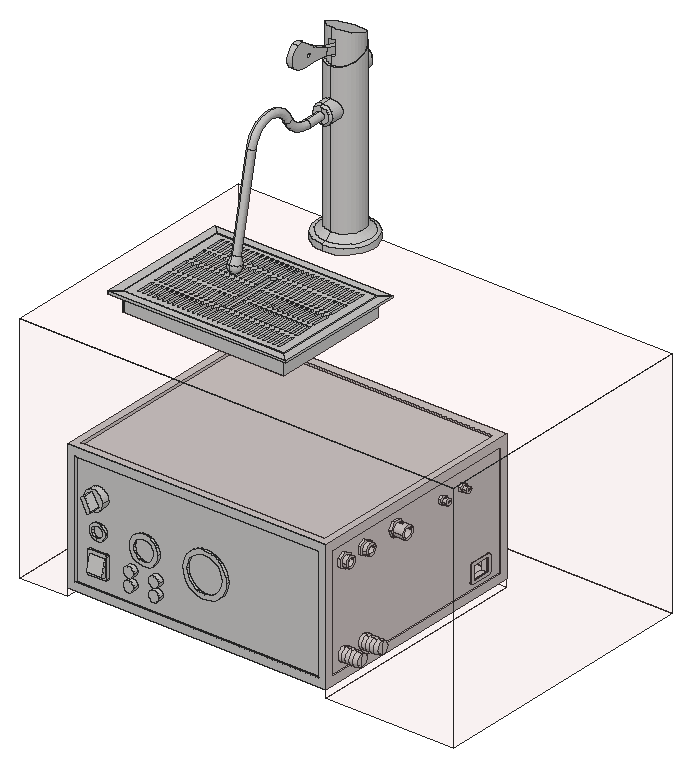
Revit family "1LA-MARZOCCO_MODBAR_STEAM", category Specialty Equipment, host Face, Revit 2017 (continued)
Definition of nested family "CG_MODBAR_MODBAR STEAM_STEAM SYSTEM"
  Forms (mm)
    Extrusion 13, solid, detail levels fine
      sketch origin (-1070.349, -4698, 3.175) x (-1, 0, 0) y (0, -1, 0)
        loop
          line (-1191.444, -4410.915) -> (-1191.444, -4386.11)
          arc (-1191.444, -4386.11) -> (-1193.68, -4383.873) -> (-1195.917, -4386.11) r 2.237
          line (-1195.917, -4386.11) -> (-1195.917, -4410.915)
        loop
          arc (-1203.785, -4410.915) -> (-1201.548, -4413.152) -> (-1199.312, -4410.915) r 2.237
          line (-1199.312, -4410.915) -> (-1199.312, -4386.11)
          arc (-1199.312, -4386.11) -> (-1201.548, -4383.873) -> (-1203.785, -4386.11) r 2.237
          line (-1203.785, -4386.11) -> (-1203.785, -4410.915)
        loop
          arc (-1211.653, -4410.915) -> (-1209.417, -4413.152) -> (-1207.18, -4410.915) r 2.237
          line (-1207.18, -4410.915) -> (-1207.18, -4386.11)
          arc (-1207.18, -4386.11) -> (-1209.417, -4383.873) -> (-1211.653, -4386.11) r 2.237
          line (-1211.653, -4386.11) -> (-1211.653, -4410.915)
        loop
          arc (-1219.521, -4410.915) -> (-1217.285, -4413.152) -> (-1215.048, -4410.915) r 2.237
          line (-1215.048, -4410.915) -> (-1215.048, -4386.11)
          arc (-1215.048, -4386.11) -> (-1217.285, -4383.873) -> (-1219.521, -4386.11) r 2.237
          line (-1219.521, -4386.11) -> (-1219.521, -4410.915)
        loop
          arc (-1227.39, -4410.915) -> (-1225.153, -4413.152) -> (-1222.916, -4410.915) r 2.237
          line (-1222.916, -4410.915) -> (-1222.916, -4386.11)
          arc (-1222.916, -4386.11) -> (-1225.153, -4383.873) -> (-1227.39, -4386.11) r 2.237
          line (-1227.39, -4386.11) -> (-1227.39, -4410.915)
        loop
          arc (-1125.104, -4479.599) -> (-1122.867, -4481.836) -> (-1120.63, -4479.599) r 2.237
          line (-1120.63, -4479.599) -> (-1120.63, -4454.794)
          arc (-1120.63, -4454.794) -> (-1122.867, -4452.557) -> (-1125.104, -4454.794) r 2.237
          line (-1125.104, -4454.794) -> (-1125.104, -4479.599)
        loop
          arc (-1132.972, -4479.599) -> (-1130.735, -4481.836) -> (-1128.498, -4479.599) r 2.237
          line (-1128.498, -4479.599) -> (-1128.498, -4454.794)
          arc (-1128.498, -4454.794) -> (-1130.735, -4452.557) -> (-1132.972, -4454.794) r 2.237
          line (-1132.972, -4454.794) -> (-1132.972, -4479.599)
        loop
          arc (-1140.84, -4479.599) -> (-1138.603, -4481.836) -> (-1136.367, -4479.599) r 2.237
          line (-1136.367, -4479.599) -> (-1136.367, -4454.794)
          arc (-1136.367, -4454.794) -> (-1138.603, -4452.557) -> (-1140.84, -4454.794) r 2.237
          line (-1140.84, -4454.794) -> (-1140.84, -4479.599)
        loop
          arc (-1156.576, -4479.599) -> (-1154.34, -4481.836) -> (-1152.103, -4479.599) r 2.237
          line (-1152.103, -4479.599) -> (-1152.103, -4454.794)
          arc (-1152.103, -4454.794) -> (-1154.34, -4452.557) -> (-1156.576, -4454.794) r 2.237
          line (-1156.576, -4454.794) -> (-1156.576, -4479.599)
        loop
          arc (-1164.444, -4479.599) -> (-1162.208, -4481.836) -> (-1159.971, -4479.599) r 2.237
          line (-1159.971, -4479.599) -> (-1159.971, -4454.794)
          arc (-1159.971, -4454.794) -> (-1162.208, -4452.557) -> (-1164.444, -4454.794) r 2.237
          line (-1164.444, -4454.794) -> (-1164.444, -4479.599)
        loop
          arc (-1172.313, -4479.599) -> (-1170.076, -4481.836) -> (-1167.839, -4479.599) r 2.237
          line (-1167.839, -4479.599) -> (-1167.839, -4454.794)
          arc (-1167.839, -4454.794) -> (-1170.076, -4452.557) -> (-1172.313, -4454.794) r 2.237
          line (-1172.313, -4454.794) -> (-1172.313, -4479.599)
        loop
          arc (-1180.181, -4479.599) -> (-1177.944, -4481.836) -> (-1175.707, -4479.599) r 2.237
          line (-1175.707, -4479.599) -> (-1175.707, -4454.794)
          arc (-1175.707, -4454.794) -> (-1177.944, -4452.557) -> (-1180.181, -4454.794) r 2.237
          line (-1180.181, -4454.794) -> (-1180.181, -4479.599)
        loop
          arc (-1188.049, -4479.599) -> (-1185.812, -4481.836) -> (-1183.575, -4479.599) r 2.237
          line (-1183.575, -4479.599) -> (-1183.575, -4454.794)
          arc (-1183.575, -4454.794) -> (-1185.812, -4452.557) -> (-1188.049, -4454.794) r 2.237
          line (-1188.049, -4454.794) -> (-1188.049, -4479.599)
        loop
          arc (-1195.917, -4479.599) -> (-1193.68, -4481.836) -> (-1191.444, -4479.599) r 2.237
          line (-1191.444, -4479.599) -> (-1191.444, -4454.794)
          arc (-1191.444, -4454.794) -> (-1193.68, -4452.557) -> (-1195.917, -4454.794) r 2.237
          line (-1195.917, -4454.794) -> (-1195.917, -4479.599)
        loop
          arc (-1203.785, -4479.599) -> (-1201.548, -4481.836) -> (-1199.312, -4479.599) r 2.237
          line (-1199.312, -4479.599) -> (-1199.312, -4454.794)
          arc (-1199.312, -4454.794) -> (-1201.548, -4452.557) -> (-1203.785, -4454.794) r 2.237
          line (-1203.785, -4454.794) -> (-1203.785, -4479.599)
        loop
          arc (-1211.653, -4479.599) -> (-1209.417, -4481.836) -> (-1207.18, -4479.599) r 2.237
          line (-1207.18, -4479.599) -> (-1207.18, -4454.794)
          arc (-1207.18, -4454.794) -> (-1209.417, -4452.557) -> (-1211.653, -4454.794) r 2.237
          line (-1211.653, -4454.794) -> (-1211.653, -4479.599)
        loop
          arc (-1219.521, -4479.599) -> (-1217.285, -4481.836) -> (-1215.048, -4479.599) r 2.237
          line (-1215.048, -4479.599) -> (-1215.048, -4454.794)
          arc (-1215.048, -4454.794) -> (-1217.285, -4452.557) -> (-1219.521, -4454.794) r 2.237
          line (-1219.521, -4454.794) -> (-1219.521, -4479.599)
        loop
          arc (-1227.39, -4479.599) -> (-1225.153, -4481.836) -> (-1222.916, -4479.599) r 2.237
          line (-1222.916, -4479.599) -> (-1222.916, -4454.794)
          arc (-1222.916, -4454.794) -> (-1225.153, -4452.557) -> (-1227.39, -4454.794) r 2.237
          line (-1227.39, -4454.794) -> (-1227.39, -4479.599)
        loop
          line (-1081.29, -4479.599) -> (-1081.29, -4454.794)
          arc (-1081.29, -4454.794) -> (-1083.526, -4452.557) -> (-1085.763, -4454.794) r 2.237
          line (-1085.763, -4454.794) -> (-1085.763, -4479.599)
          arc (-1085.763, -4479.599) -> (-1083.526, -4481.836) -> (-1081.29, -4479.599) r 2.237
        loop
          arc (-1148.708, -4479.599) -> (-1146.471, -4481.836) -> (-1144.235, -4479.599) r 2.237
          line (-1144.235, -4479.599) -> (-1144.235, -4454.794)
          arc (-1144.235, -4454.794) -> (-1146.471, -4452.557) -> (-1148.708, -4454.794) r 2.237
          line (-1148.708, -4454.794) -> (-1148.708, -4479.599)
        loop
          line (-1110.301, -4511.48) -> (-1110.301, -4422.913)
          arc (-1110.301, -4422.913) -> (-1114.999, -4418.215) -> (-1119.696, -4422.913) r 4.698
          line (-1119.696, -4422.913) -> (-1119.696, -4511.48)
          arc (-1119.696, -4511.48) -> (-1114.999, -4516.178) -> (-1110.301, -4511.48) r 4.698
      from 0 to -3.175
    Extrusion 14, solid, detail levels fine
      sketch origin (-95.05, -126, -40.005) x (1, 0, 0) y (0, 1, 0)
        loop
          line (12.7, -12.7) -> (12.7, -198.12) -> (266.7, -198.12) -> (266.7, -12.7) -> (12.7, -12.7)
        loop
          line (265.176, -196.596) -> (265.176, -14.224) -> (14.224, -14.224) -> (14.224, -196.596) -> (265.176, -196.596)
      from 12.7 to 40.005
    Blend 15, solid, detail levels fine
      base sketch origin (-95.05, -126, -27.305) x (0, 1, 0) y (-1, 0, 0)
        loop
          line (-198.12, -266.7) -> (-12.7, -266.7) -> (-12.7, -12.7) -> (-198.12, -12.7) -> (-198.12, -266.7)
      top sketch origin (-95.05, -126, -27.305) x (0, 1, 0) y (-1, 0, 0)
        loop
          circle (-105.41, -139.7) r 12.934
      from 0 to -3.92
    Extrusion 16, solid, detail levels fine
      sketch origin (-95.05, -126, -31.225) x (-1, 0, 0) y (0, 1, 0)
        loop
          circle (-139.7, -105.41) r 12.934
      from 0 to 8.78
    Extrusion 17, solid, detail levels medium
      sketch origin (0, 0, 0) x (1, 0, 0) y (0, 1, 0)
        loop
          circle (44.45, -44.45) r 44.45
      from 0 to 314.96
    Extrusion 18, solid, detail levels medium
      sketch origin (0, 0, 0) x (1, 0, 0) y (0, 1, 0)
        loop
          line (-95.05, -126) -> (-95.05, -336) -> (184.35, -336) -> (184.35, -126) -> (-95.05, -126)
      from 0 to 3.175
  Cuts and joins
    Extrusion 2 cuts Revolve 1
    Extrusion 4, Extrusion 8 cuts Revolve 3
    joined: Revolve 1, Revolve 3, Revolve 5, Revolve 9
  Dimensions and locks
    equal spacing: plane 3 "LEFT", plane 7 "Center Y", plane 4 "RIGHT"
    "Length": plane 3 "LEFT" to plane 4 "RIGHT"
    equal spacing: plane 5 "FRONT", plane 8 "Center X", plane 1 "BACK"
    "Depth": plane 5 "FRONT" to plane 1 "BACK"
    "Height": plane 6 "TOP" to level
    plane 6 "TOP" to level = 314.96 mm
    plane 9 to level = 307.34 mm
    plane 5 "FRONT" to plane 1 "BACK" = 271.78 mm
    locked: plane 1 "BACK" to plane 10 at 231
    aligned and locked: level to plane 2
  Automatic sketch dimensions
    Revolve 1 sketch curve to level = 0 mm  (x2)
    plane 8 "Center X" to Revolve 1 sketch curve = 27.388 mm
    level to Revolve 1 sketch curve = 8.997 mm
    Revolve 1 sketch curve to Revolve 1 sketch curve = 19.602 mm
    Revolve 1 sketch curve to Revolve 1 sketch curve = 5.165 mm
    Revolve 1 sketch curve to plane 9 = 28.86 mm
    plane 8 "Center X" to Revolve 1 sketch curve = 63.222 mm
    Revolve 1 sketch curve to Revolve 1 sketch curve = 28.218 mm
    level to Revolve 1 sketch curve = 5.433 mm
    Revolve 1 sketch curve to Revolve 1 sketch curve = 15.396 mm
    Revolve 1 sketch curve to Revolve 1 sketch curve = 42.297 mm
    Revolve 1 sketch curve to Revolve 1 sketch curve = 0 mm
    Revolve 1 sketch curve to Revolve 1 sketch curve = 44.45 mm
    plane 8 "Center X" to Extrusion 2 sketch curve = 57.15 mm
    plane 1 "BACK" to Extrusion 2 sketch curve = 10.471 mm
    Extrusion 2 sketch curve to plane 9 = 56.835 mm
    Extrusion 2 sketch curve to plane 9 = 26.44 mm
    Extrusion 2 sketch curve to Extrusion 2 sketch curve = 6.35 mm
    plane 8 "Center X" to Revolve 3 sketch curve = 65.79 mm
    Revolve 3 sketch curve to Revolve 3 sketch curve = 25.996 mm
    Revolve 3 sketch curve to plane 9 = 56.988 mm
    plane 9 to Revolve 3 sketch curve = 1.367 mm
    Revolve 3 sketch curve to Revolve 3 sketch curve = 0 mm
    Revolve 3 sketch curve to Revolve 3 sketch curve = 8.7 mm
    Revolve 3 sketch curve to Revolve 3 sketch curve = 4 mm
    Extrusion 4 sketch curve to plane 6 "TOP" = 0 mm
    plane 8 "Center X" to Extrusion 4 sketch curve = 59.574 mm
    plane 1 "BACK" to Extrusion 4 sketch curve = 9.934 mm
    plane 9 to Extrusion 4 sketch curve = 2.639 mm
    Extrusion 4 sketch curve to plane 9 = 25.539 mm
    plane 8 "Center X" to Revolve 5 sketch curve = 41.918 mm
    Revolve 5 sketch curve to Revolve 5 sketch curve = 1.816 mm  (x2)
    Revolve 5 sketch curve to Revolve 5 sketch curve = 3.924 mm
    Revolve 5 sketch curve to Revolve 5 sketch curve = 34.577 mm
    Revolve 5 sketch curve to plane 9 = 114.632 mm
    Revolve 5 sketch curve to Revolve 5 sketch curve = 3.442 mm
    Revolve 5 sketch curve to Revolve 5 sketch curve = 8.937 mm
    Revolve 5 sketch curve to Revolve 5 sketch curve = 15.127 mm
    Revolve 5 sketch curve to Revolve 5 sketch curve = 16.455 mm
    Revolve 5 sketch curve to Revolve 5 sketch curve = 0 mm
    Sweep 6 sketch curve to plane 5 "FRONT" = 41.954 mm
    Sweep 6 sketch curve to Sweep 6 sketch curve = 37.267 mm
    plane 8 "Center X" to Sweep 6 sketch curve = 14.507 mm
    Sweep 6 sketch curve to plane 9 = 114.632 mm
    Sweep 6 sketch curve to Sweep 6 sketch curve = 6.744 mm
    Sweep 6 sketch curve to Sweep 6 sketch curve = 7.921 mm
    Sweep 6 sketch curve to Sweep 6 sketch curve = 40.807 mm
    Sweep 6 sketch curve to plane 5 "FRONT" = 12.801 mm
    Sweep 6 sketch curve to Sweep 6 sketch curve = 27.41 mm
    level to Sweep 6 sketch curve = 70.222 mm
    Sweep 6 sketch curve to plane 7 "Center Y" = 0 mm
    Sweep 6 sketch curve to profile plane = 0 mm
    Revolve 7 sketch curve to plane 5 "FRONT" = 1.127 mm
    Revolve 7 sketch curve to plane 5 "FRONT" = 7.04 mm
    Revolve 7 sketch curve to plane 5 "FRONT" = 7.699 mm
    Revolve 7 sketch curve to plane 5 "FRONT" = 9.719 mm
    Revolve 7 sketch curve to Revolve 7 sketch curve = 5.762 mm
    level to Revolve 7 sketch curve = 46.215 mm
    Revolve 7 sketch curve to Revolve 7 sketch curve = 9.507 mm
    Revolve 7 sketch curve to Revolve 7 sketch curve = 14.5 mm
    Revolve 7 sketch curve to Revolve 7 sketch curve = 0 mm  (x2)
    Revolve 7 sketch curve to Revolve 7 sketch curve = 1.161 mm
    Revolve 7 sketch curve to Revolve 7 sketch curve = 5.463 mm
    Extrusion 8 sketch curve to plane 7 "Center Y" = 5.675 mm
    plane 7 "Center Y" to Extrusion 8 sketch curve = 5.007 mm
    Extrusion 8 sketch curve to plane 9 = 39.997 mm
    Extrusion 8 sketch curve to plane 9 = 16.92 mm
    plane 1 "BACK" to Revolve 9 sketch curve = 28.726 mm
    plane 1 "BACK" to Revolve 9 sketch curve = 12.651 mm
    plane 1 "BACK" to Revolve 9 sketch curve = 6.239 mm
    Revolve 9 sketch curve to plane 9 = 66.11 mm
    Revolve 9 sketch curve to Revolve 9 sketch curve = 10.453 mm
    Revolve 9 sketch curve to Revolve 9 sketch curve = 6.412 mm
    Revolve 9 sketch curve to Revolve 9 sketch curve = 4.128 mm
    Revolve 9 sketch curve to Revolve 9 sketch curve = 10.014 mm
    Revolve 9 sketch curve to Revolve 9 sketch curve = 0 mm
    Extrusion 10 sketch curve to plane 8 "Center X" = 0.699 mm
    plane 8 "Center X" to Extrusion 10 sketch curve = 3.385 mm
    plane 9 to Extrusion 10 sketch curve = 3.377 mm
    plane 8 "Center X" to Extrusion 10 sketch curve = 6.939 mm
    Extrusion 10 sketch curve to Extrusion 10 sketch curve = 10.557 mm
    plane 8 "Center X" to Extrusion 10 sketch curve = 24.741 mm
    Extrusion 10 sketch curve to plane 9 = 31.313 mm
    Extrusion 10 sketch curve to Extrusion 10 sketch curve = 33.529 mm
    Extrusion 10 sketch curve to Extrusion 10 sketch curve = 1.472 mm  (x2)
    Extrusion 10 sketch curve to plane 9 = 21.108 mm
    Extrusion 10 sketch curve to Extrusion 10 sketch curve = 2.734 mm
    Extrusion 10 sketch curve to plane 9 = 21.502 mm
    Extrusion 10 sketch curve to Extrusion 10 sketch curve = 24.535 mm
    plane 1 "BACK" to Extrusion 10 sketch curve = 6.896 mm
    Extrusion 10 sketch curve to Extrusion 10 sketch curve = 0.394 mm
    level to Extrusion 10 sketch curve = 122.858 mm
    Extrusion 10 sketch curve to Extrusion 10 sketch curve = 14.741 mm
    Extrusion 10 sketch curve to Extrusion 10 sketch curve = 3.134 mm
    Extrusion 10 sketch curve to plane 9 = 4.227 mm
    plane 6 "TOP" to Extrusion 10 sketch curve = 151.715 mm
    Extrusion 10 sketch curve to plane 6 "TOP" = 1.237 mm
    Extrusion 10 sketch curve to Extrusion 10 sketch curve = 0 mm
    Extrusion 10 sketch curve to plane 8 "Center X" = 15.253 mm
    Extrusion 11 sketch curve to plane 4 "RIGHT" = 95.45 mm
    Extrusion 11 sketch curve to Extrusion 11 sketch curve = 12.7 mm  (x2)
    Extrusion 11 sketch curve to plane 3 "LEFT" = 82.35 mm
    plane 8 "Center X" to Extrusion 11 sketch curve = 9.89 mm  (x2)
    Extrusion 11 sketch curve to plane 8 "Center X" = 2.81 mm  (x2)
    plane 5 "FRONT" to Extrusion 11 sketch curve = 52.34 mm  (x2)
    Extrusion 11 sketch curve to Extrusion 11 sketch curve = 11.88 mm  (x2)
    plane 8 "Center X" to Extrusion 12 sketch curve = 9.89 mm
    Extrusion 12 sketch curve to plane 4 "RIGHT" = 95.45 mm  (x2)
    Extrusion 12 sketch curve to plane 8 "Center X" = 2.81 mm
    Extrusion 12 sketch curve to Extrusion 12 sketch curve = 12.7 mm  (x4)
    Extrusion 12 sketch curve to plane 3 "LEFT" = 82.35 mm  (x2)
    plane 5 "FRONT" to Extrusion 12 sketch curve = 52.34 mm
    Extrusion 12 sketch curve to Extrusion 12 sketch curve = 11.88 mm
    Extrusion 13 sketch curve to plane 8 "Center X" = 4.334 mm
    Extrusion 13 sketch curve to plane 4 "RIGHT" = 81.226 mm
    plane 5 "FRONT" to Extrusion 13 sketch curve = 5.768 mm  (x25)
    Extrusion 13 sketch curve to Extrusion 13 sketch curve = 13.085 mm  (x4)
    Extrusion 13 sketch curve to Extrusion 13 sketch curve = 0 mm  (x237)
    Extrusion 13 sketch curve to Extrusion 13 sketch curve = 2.237 mm  (x140)
    Extrusion 13 sketch curve to Extrusion 13 sketch curve = 3.395 mm  (x122)
    plane 4 "RIGHT" to Extrusion 13 sketch curve = 2.673 mm  (x5)
    Extrusion 13 sketch curve to Extrusion 13 sketch curve = 0.934 mm  (x3)
    plane 7 "Center Y" to Extrusion 13 sketch curve = 2.437 mm  (x2)
    plane 7 "Center Y" to Extrusion 13 sketch curve = 0.2 mm  (x3)
    Extrusion 13 sketch curve to plane 7 "Center Y" = 5.431 mm
    Extrusion 13 sketch curve to plane 3 "LEFT" = 0.322 mm  (x5)
    Extrusion 13 sketch curve to plane 8 "Center X" = 13.827 mm
    Extrusion 13 sketch curve to Extrusion 13 sketch curve = 24.805 mm  (x7)
    Extrusion 13 sketch curve to Extrusion 13 sketch curve = 9.537 mm  (x14)
    Extrusion 13 sketch curve to Extrusion 13 sketch curve = 2.461 mm  (x2)
    Extrusion 13 sketch curve to Extrusion 13 sketch curve = 22.344 mm
    plane 5 "FRONT" to Extrusion 13 sketch curve = 3.307 mm
    Extrusion 13 sketch curve to Extrusion 13 sketch curve = 10.706 mm
    Extrusion 14 sketch curve to plane 3 "LEFT" = 82.35 mm
    Extrusion 14 sketch curve to Extrusion 14 sketch curve = 1.524 mm  (x4)
    Extrusion 14 sketch curve to plane 4 "RIGHT" = 81.226 mm
    plane 5 "FRONT" to Extrusion 14 sketch curve = 52.34 mm
    Extrusion 14 sketch curve to plane 8 "Center X" = 4.334 mm
    Blend 15 sketch curve to Extrusion 14 = 0 mm  (x3)
    Extrusion 14 to Blend 15 sketch curve = 0 mm
    Blend 15 sketch curve to Extrusion 14 = 91.186 mm
    Blend 15 sketch curve to Extrusion 14 = 125.476 mm
    Extrusion 17 sketch curve to plane 7 "Center Y" = 0 mm
    plane 11 to Extrusion 17 sketch curve = 0 mm
    Extrusion 18 sketch curve to plane 3 "LEFT" = 95.05 mm
    Extrusion 18 sketch curve to plane 4 "RIGHT" = 95.45 mm
    plane 5 "FRONT" to Extrusion 18 sketch curve = 64.22 mm
    plane 8 "Center X" to Extrusion 18 sketch curve = 9.89 mm
    radius of Sweep 6 sketch curve = 5.77 mm
    radius of Extrusion 10 sketch curve = 3.728 mm
    radius of Blend 15 sketch curve = 12.934 mm
    radius of Extrusion 16 sketch curve to Blend 15 = 0 mm
    radius of Extrusion 17 sketch curve = 44.45 mm
Definition of nested family "CG_LA MARZOCCO_STEAM SYSTEM BOX 2"
  Parameters (values of type "CG_LA MARZOCCO_STEAM SYSTEM BOX 2")
    Weight in Pounds = 40
    Watts = 3600 W
    Waste Water Discharge Temperature = -17.778 °C
    Volts = 208 V
    URL Cutsheet = ""
    Specification by User = ""
    Specification by Manufacturer = ""
    Show Clearance [instance] = yes
    Serial Number = ""
    Seismic Rating = ""
    SMACNA No = ""
    Revision Code = ""
    Plumbing Remarks = ""
    Plumbing Connection Type = ""
    Phase = 1
    Number of Poles = 1
    NAFEM Spec ID Number = ""
    Min Ckt Ampacity = 0 A
    Max Overcurrent Protection = 0 A
    Masterspec = ""
    Manufacturer = "LA MARZOCCO"
    Length = 406.4 mm
    Item Number = ""
    Installed By = ""
    Indirect Waste Size = 3/4"
    Indirect Waste Flow = 0.0 L/min
    Indirect Waste Connection Type = ""
    Indirect Waste Connection Height = 0 mm
    Identify Quantity as Lot = yes
    Height = 215.9 mm
    HP = ""
    Furnished By = ""
    Foodservice Equipment Identifier = yes
    FL Amps = 20 A
    Electrical Remarks = ""
    Electric Connection Type = ""
    Elec Conn RI Height = 0 mm
    Elec Conn Connection Height = 0 mm
    Description = "STEAM SYSTEM BOX 2"
    Depth = 378.46 mm
    Cycle = 60 Hz
    Conn Plug = "NEMA 6-20R"
    Conn Conduit = yes
    Cold Water Temperature Recommended = -17.778 °C
    Cold Water Size = 3/8"
    Cold Water RI Height = 0 mm
    Cold Water Minimum Pressure = 482633.0 Pa
    Cold Water Maximum Pressure = 241316.5 Pa
    Cold Water Flow = 7.57082 L/min
    Cold Water Consumption = ""
    Cold Water Connection Height = 0 mm
    CSI MasterFormat = ""
    Apparent Power = if(Phase = 3, Volts * FL Amps * 1.73, Volts * FL Amps)  # 4160 VA
  Reference planes
    plane 1 "BACK": y = 0
    plane 2: z = 0
    plane 3 "LEFT": x = 0
    plane 4 "RIGHT": x = 406.4
    plane 5 "FRONT": y = -378.46
    plane 6 "TOP": z = 215.9
    plane 7 "Center Y": x = 203.2
    plane 8 "Center X": y = -189.23
    plane 9: z = 0
    plane 10 "A": y = -355.6
  Forms (mm)
    Extrusion 1, solid, detail levels fine
      sketch origin (0, 0, 0) x (0, 1, 0) y (0, 0, 1)
        loop
          line (-355.6, 215.9) -> (-355.6, 12.7) -> (0, 12.7) -> (0, 215.9) -> (-355.6, 215.9)
        loop
          line (-344.17, 25.4) -> (-12.7, 25.4) -> (-12.7, 203.2) -> (-344.17, 203.2) -> (-344.17, 25.4)
      from 0 to 11.43
    Extrusion 2, solid, detail levels fine
      sketch origin (406.4, 0, 0) x (0, 1, 0) y (0, 0, -1)
        loop
          line (-355.6, -215.9) -> (0, -215.9) -> (0, -12.7) -> (-355.6, -12.7) -> (-355.6, -215.9)
        loop
          line (-344.17, -25.4) -> (-344.17, -203.2) -> (-12.7, -203.2) -> (-12.7, -25.4) -> (-344.17, -25.4)
      from 0 to 11.43
    Extrusion 3, solid, detail levels fine
      sketch origin (355.6, -355.6, 0) x (1, 0, 0) y (0, 0, -1)
        loop
          line (-355.6, -215.9) -> (50.8, -215.9) -> (50.8, -12.7) -> (-355.6, -12.7) -> (-355.6, -215.9)
        loop
          line (-344.17, -25.4) -> (-344.17, -203.2) -> (39.37, -203.2) -> (39.37, -25.4) -> (-344.17, -25.4)
      from 0 to 11.43
    Extrusion 4, solid, detail levels fine
      sketch origin (355.6, 0, 0) x (1, 0, 0) y (0, 0, 1)
        loop
          line (-355.6, 215.9) -> (-355.6, 12.7) -> (50.8, 12.7) -> (50.8, 215.9) -> (-355.6, 215.9)
        loop
          line (-344.17, 25.4) -> (39.37, 25.4) -> (39.37, 203.2) -> (-344.17, 203.2) -> (-344.17, 25.4)
      from 0 to 12.7
    Extrusion 5, solid, detail levels fine
      sketch origin (355.6, 0, 25.4) x (-1, 0, 0) y (0, -1, 0)
        loop
          line (-47.625, 12.7) -> (-39.37, 12.7) -> (-39.37, 344.17) -> (-47.625, 344.17) -> (-47.625, 12.7)
        loop
          line (352.425, 12.7) -> (352.425, 344.17) -> (344.17, 344.17) -> (344.17, 12.7) -> (352.425, 12.7)
      from 0 to 177.8
    Extrusion 6, solid, detail levels fine
      sketch origin (355.6, 0, 25.4) x (-1, 0, 0) y (0, -1, 0)
        loop
          line (344.17, 12.7) -> (-39.37, 12.7) -> (-39.37, 3.175) -> (344.17, 3.175) -> (344.17, 12.7)
        loop
          line (344.17, 344.17) -> (344.17, 352.425) -> (-39.37, 352.425) -> (-39.37, 344.17) -> (344.17, 344.17)
      from 0 to 177.8
    Extrusion 7, solid, detail levels fine
      sketch origin (355.6, 0, 203.2) x (-1, 0, 0) y (0, -1, 0)
        loop
          line (-39.37, 344.17) -> (-39.37, 12.7) -> (344.17, 12.7) -> (344.17, 344.17) -> (-39.37, 344.17)
      from 0 to 9.525
    Extrusion 8, solid, detail levels fine
      sketch origin (355.6, 0, 13.335) x (-1, 0, 0) y (0, -1, 0)
        loop
          line (-39.37, 344.17) -> (-39.37, 12.7) -> (344.17, 12.7) -> (344.17, 344.17) -> (-39.37, 344.17)
      from 2.54 to 12.065
    Extrusion 9, solid, detail levels fine
      sketch origin (394.97, -352.425, -83.444) x (-1, 0, 0) y (0, 0, -1)
        loop
          arc (361.449, -163.587) -> (362.571, -163.122) -> (363.036, -161.999) r 1.588
          line (363.036, -161.999) -> (363.036, -128.695)
          arc (363.036, -128.695) -> (362.59, -127.617) -> (361.512, -127.171) r 1.524
          line (361.512, -127.171) -> (335.189, -127.171)
          arc (335.189, -127.171) -> (334.112, -127.617) -> (333.665, -128.695) r 1.524
          line (333.665, -128.695) -> (333.665, -162.063)
          arc (333.665, -162.063) -> (334.112, -163.14) -> (335.189, -163.587) r 1.524
          line (335.189, -163.587) -> (361.449, -163.587)
        loop
          circle (348.144, -190.853) r 12.7
        loop
          circle (348.144, -190.853) r 8.942
        loop
          circle (275.251, -190.853) r 22.591
        loop
          circle (275.251, -190.853) r 16.077
        loop
          circle (179.321, -190.358) r 34.607
        loop
          circle (179.321, -190.358) r 27.681
      from 0 to 3.175
    Extrusion 10, solid, detail levels fine
      sketch origin (394.97, -352.425, 111.273) x (-1, 0, 0) y (0, 0, -1)
        loop
          circle (348.427, -44.534) r 15.028
      from 0 to 10.919
    Extrusion 11, solid, detail levels fine
      sketch origin (394.97, -363.344, 111.273) x (-1, 0, 0) y (0, 0, -1)
        loop
          line (356.885, -51.713) -> (346.412, -33.644)
          arc (346.412, -33.644) -> (342.774, -34.983) -> (339.816, -37.489) r 11.127
          line (339.816, -37.489) -> (350.408, -55.402)
          arc (350.408, -55.402) -> (353.966, -54.119) -> (356.885, -51.713) r 11.062
      from 0 to 15.116
    Extrusion 12, solid, detail levels fine
      sketch origin (403.225, -344.17, 25.4) x (0, 1, 0) y (0, 0, 1)
        loop
          line (24.206, 165.775) -> (14.249, 160.026) -> (14.249, 148.529) -> (24.206, 142.78) -> (34.163, 148.529) -> (34.163, 160.026) -> (24.206, 165.775)
        loop
          line (64.291, 165.775) -> (54.334, 160.026) -> (54.334, 148.529) -> (64.291, 142.78) -> (74.248, 148.529) -> (74.248, 160.026) -> (64.291, 165.775)
        loop
          line (120.635, 165.686) -> (113.731, 155.451) -> (119.143, 144.354) -> (131.459, 143.493) -> (138.363, 153.728) -> (132.951, 164.825) -> (120.635, 165.686)
        loop
          line (216.601, 160.587) -> (211.41, 156.952) -> (211.963, 150.639) -> (217.706, 147.961) -> (222.897, 151.596) -> (222.345, 157.909) -> (216.601, 160.587)
        loop
          line (256.184, 160.587) -> (250.993, 156.952) -> (251.545, 150.639) -> (257.289, 147.961) -> (262.48, 151.596) -> (261.927, 157.909) -> (256.184, 160.587)
      from 0 to 5.539
    Extrusion 13, solid, detail levels fine
      sketch origin (408.764, -344.17, 25.4) x (0, 1, 0) y (0, 0, 1)
        loop
          circle (24.308, 154.42) r 8.584
        loop
          circle (24.308, 154.42) r 6.35
        loop
          circle (64.393, 154.42) r 8.584
        loop
          circle (64.393, 154.42) r 6.35
        loop
          circle (217.151, 154.131) r 4.518
        loop
          circle (217.151, 154.131) r 3.139
        loop
          circle (256.734, 154.131) r 4.518
        loop
          circle (256.734, 154.131) r 3.139
      from 0 to 7.574
    Extrusion 14, solid, detail levels fine
      sketch origin (408.764, -344.17, 25.4) x (0, 1, 0) y (0, 0, 1)
        loop
          circle (125.873, 154.292) r 9.688
        loop
          circle (125.873, 154.292) r 7.848
      from 0 to 16.127
    Revolve 15, solid, detail levels fine
      sketch origin (0, -279.403, 2.739) x (1, 0, 0) y (0, 0, 1)
        loop
          line (434.34, 44.69) -> (434.34, 53.647) -> (427.771, 54.805) -> (427.771, 52.814) -> (421.804, 54.986) -> (421.804, 52.814) -> (415.836, 54.986) -> (415.836, 52.814) -> (409.869, 54.986) -> (409.869, 52.863)
          arc (409.869, 52.863) -> (406.547, 55.195) -> (403.225, 52.863) r 3.533
          line (403.225, 52.863) -> (403.225, 44.69) -> (434.34, 44.69)
        axis (434.34, 44.69) -> (403.225, 44.69)
      angle from 0 to 360
    Extrusion 16, solid, detail levels fine
      sketch origin (403.225, -344.17, 25.4) x (0, 1, 0) y (0, 0, 1)
        loop
          arc (277.501, 38.122) -> (275.256, 37.193) -> (274.326, 34.947) r 3.175
          line (274.326, 34.947) -> (274.326, 12.12)
          arc (274.326, 12.12) -> (275.293, 9.785) -> (277.628, 8.818) r 3.302
          line (277.628, 8.818) -> (307.792, 8.818)
          arc (307.792, 8.818) -> (310.127, 9.785) -> (311.094, 12.12) r 3.302
          line (311.094, 12.12) -> (311.094, 34.82)
          arc (311.094, 34.82) -> (310.127, 37.155) -> (307.792, 38.122) r 3.302
          line (307.792, 38.122) -> (277.501, 38.122)
        loop
          line (277.628, 34.82) -> (277.628, 12.12) -> (307.792, 12.12) -> (307.792, 34.82) -> (277.628, 34.82)
      from 0 to 3.175
    Extrusion 17, void
      sketch origin (403.225, -344.17, 25.4) x (0, -1, 0) y (0, 0, 1)
        loop
          line (-307.792, 12.12) -> (-277.628, 12.12) -> (-277.628, 34.82) -> (-307.792, 34.82) -> (-307.792, 12.12)
      from -29.117 to 25.4
    Revolve 18, solid, detail levels fine
      sketch origin (0, -31.275, 0) x (1, 0, 0) y (0, 0, 1)
        loop
          line (386.236, 12.7) -> (374.253, 12.7) -> (374.253, 0) -> (380.356, 0)
          arc (380.356, 0) -> (383.298, 1.085) -> (384.83, 3.821) r 4.53
          line (384.83, 3.821) -> (386.236, 12.7)
        axis (374.253, 0) -> (374.253, 12.7)
      angle from 0 to 360
    Revolve 19, solid, detail levels fine
      sketch origin (406.4, -31.275, 0) x (-1, 0, 0) y (0, 0, 1)
        loop
          line (386.236, 12.7) -> (374.253, 12.7) -> (374.253, 0) -> (380.356, 0)
          arc (380.356, 0) -> (383.298, 1.085) -> (384.83, 3.821) r 4.53
          line (384.83, 3.821) -> (386.236, 12.7)
        axis (374.253, 0) -> (374.253, 12.7)
      angle from 0 to 360
    Revolve 20, solid, detail levels fine
      sketch origin (0, -323.372, 0) x (1, 0, 0) y (0, 0, -1)
        loop
          line (386.236, -12.7) -> (384.83, -3.821)
          arc (384.83, -3.821) -> (383.298, -1.085) -> (380.356, 0) r 4.53
          line (380.356, 0) -> (374.253, 0) -> (374.253, -12.7) -> (386.236, -12.7)
        axis (374.253, 0) -> (374.253, -12.7)
      angle from 0 to 360
    Revolve 21, solid, detail levels fine
      sketch origin (406.4, -323.372, 0) x (-1, 0, 0) y (0, 0, 1)
        loop
          line (386.236, 12.7) -> (374.253, 12.7) -> (374.253, 0) -> (380.356, 0)
          arc (380.356, 0) -> (383.298, 1.085) -> (384.83, 3.821) r 4.53
          line (384.83, 3.821) -> (386.236, 12.7)
        axis (374.253, 0) -> (374.253, 12.7)
      angle from 0 to 360
    Extrusion 22, solid, detail levels fine
      sketch origin (0, 0, -112.812) x (0, 1, 0) y (0, 0, 1)
        loop
          line (-355.6, 187.463) -> (-361.995, 163.595) -> (-355.6, 160.748) -> (-355.6, 187.463)
      from 35.307 to 57.935
    Revolve 23, solid, detail levels fine
      sketch origin (0, -319.702, 2.739) x (1, 0, 0) y (0, 0, 1)
        loop
          line (434.34, 44.69) -> (434.34, 53.647) -> (427.771, 54.805) -> (427.771, 52.814) -> (421.804, 54.986) -> (421.804, 52.814) -> (415.836, 54.986) -> (415.836, 52.814) -> (409.869, 54.986) -> (409.869, 52.863)
          arc (409.869, 52.863) -> (406.547, 55.195) -> (403.225, 52.863) r 3.533
          line (403.225, 52.863) -> (403.225, 44.69) -> (434.34, 44.69)
        axis (434.34, 44.69) -> (403.225, 44.69)
      angle from 0 to 360
    Extrusion 24, solid, detail levels fine
      sketch origin (404.615, -352.425, -84.844) x (-1, 0, 0) y (0, 0, -1)
        loop
          circle (305.181, -156.654) r 8.082
      from 0 to 7.854
    Extrusion 25, solid, detail levels fine
      sketch origin (404.615, -352.425, -104.954) x (-1, 0, 0) y (0, 0, -1)
        loop
          circle (305.181, -156.654) r 8.082
      from 0 to 7.854
    Extrusion 26, solid, detail levels fine
      sketch origin (444.219, -352.425, -84.844) x (-1, 0, 0) y (0, 0, -1)
        loop
          circle (305.181, -156.654) r 8.082
      from 0 to 7.854
    Extrusion 27, solid, detail levels fine
      sketch origin (444.219, -352.425, -104.954) x (-1, 0, 0) y (0, 0, -1)
        loop
          circle (305.181, -156.654) r 8.082
      from 0 to 7.854
    Extrusion 28, solid, visible <- "Show Clearance"
      sketch origin (0, 0, 0) x (1, 0, 0) y (0, 1, 0)
        loop
          line (0, 0) -> (406.4, 0) -> (406.4, -355.6) -> (606.4, -355.6) -> (606.4, 75) -> (-75, 75) -> (-75, -355.6) -> (0, -355.6) -> (0, 0)
      from 0 to 365.9
    Extrusion 29, solid, visible <- "Show Clearance"
      sketch origin (0, -355.6, 215.9) x (1, 0, 0) y (0, 1, 0)
        loop
          line (0, 355.6) -> (0, 0) -> (406.4, 0) -> (406.4, 355.6) -> (0, 355.6)
      from 0 to 150
    Extrusion 30, solid, detail levels medium
      sketch origin (0, 0, 0) x (1, 0, 0) y (0, 1, 0)
        loop
          line (0, -355.6) -> (406.4, -355.6) -> (406.4, 0) -> (0, 0) -> (0, -355.6)
      from 0 to 215.9
  Cuts and joins
    joined: Extrusion 1, Extrusion 2, Extrusion 3, Extrusion 4
    Extrusion 17 cuts Extrusion 5
    joined: Extrusion 28, Extrusion 29
  Lines and regions (mm)
    Split face 1
      outline origin (394.97, -363.344, 111.273) x (-1, 0, 0) y (0, 0, -1)
        loop
          circle (348.427, -44.534) r 11.062
    Split face 2
      outline origin (403.225, -327.107, 28.139) x (0, 1, 0) y (0, 0, 1)
        loop
          circle (47.704, 19.29) r 11.739
    Split face 3
      outline origin (403.225, -367.406, 28.139) x (0, 1, 0) y (0, 0, 1)
        loop
          circle (47.704, 19.29) r 11.739
    Split face 4
      outline origin (404.615, -360.279, -84.844) x (-1, 0, 0) y (0, 0, -1)
        loop
          circle (305.181, -156.654) r 4.794
    Split face 5
      outline origin (404.615, -360.279, -84.844) x (-1, 0, 0) y (0, 0, -1)
        loop
          line (306.617, -161.228) -> (303.745, -152.08)
    Split face 6
      outline origin (404.615, -360.279, -104.954) x (-1, 0, 0) y (0, 0, -1)
        loop
          circle (305.181, -156.654) r 4.794
    Split face 7
      outline origin (404.615, -360.279, -104.954) x (-1, 0, 0) y (0, 0, -1)
        loop
          line (306.617, -161.228) -> (303.745, -152.08)
    Split face 8
      outline origin (444.219, -360.279, -84.844) x (-1, 0, 0) y (0, 0, -1)
        loop
          circle (305.181, -156.654) r 4.794
    Split face 9
      outline origin (444.219, -360.279, -84.844) x (-1, 0, 0) y (0, 0, -1)
        loop
          line (306.617, -161.228) -> (303.745, -152.08)
    Split face 10
      outline origin (444.219, -360.279, -104.954) x (-1, 0, 0) y (0, 0, -1)
        loop
          circle (305.181, -156.654) r 4.794
    Split face 11
      outline origin (444.219, -360.279, -104.954) x (-1, 0, 0) y (0, 0, -1)
        loop
          line (306.617, -161.228) -> (303.745, -152.08)
  Dimensions and locks
    equal spacing: plane 3 "LEFT", plane 7 "Center Y", plane 4 "RIGHT"
    "Length": plane 3 "LEFT" to plane 4 "RIGHT"
    equal spacing: plane 5 "FRONT", plane 8 "Center X", plane 1 "BACK"
    "Depth": plane 5 "FRONT" to plane 1 "BACK"
    "Height": plane 6 "TOP" to level
    plane 4 "RIGHT" to plane 3 "LEFT" = 406.4 mm
    plane 3 "LEFT" to Revolve 23 = 434.34 mm
    plane 5 "FRONT" to plane 1 "BACK" = 378.46 mm
    aligned and locked: level to plane 2
  Automatic sketch dimensions
    Extrusion 1 sketch curve to plane 6 "TOP" = 0 mm
    Extrusion 1 sketch curve to plane 1 "BACK" = 0 mm
    plane 1 "BACK" to Extrusion 1 sketch curve = 12.7 mm
    Extrusion 1 sketch curve to plane 5 "FRONT" = 34.29 mm
    Extrusion 1 sketch curve to Extrusion 1 sketch curve = 11.43 mm
    Extrusion 1 sketch curve to plane 6 "TOP" = 12.7 mm
    level to Extrusion 1 sketch curve = 25.4 mm
    level to Extrusion 1 sketch curve = 12.7 mm
    Extrusion 2 sketch curve to plane 6 "TOP" = 0 mm
    Extrusion 2 sketch curve to plane 1 "BACK" = 0 mm
    plane 1 "BACK" to Extrusion 2 sketch curve = 12.7 mm
    Extrusion 2 sketch curve to plane 5 "FRONT" = 34.29 mm
    Extrusion 2 sketch curve to Extrusion 2 sketch curve = 11.43 mm
    Extrusion 2 sketch curve to plane 6 "TOP" = 12.7 mm
    level to Extrusion 2 sketch curve = 25.4 mm
    level to Extrusion 2 sketch curve = 12.7 mm
    Extrusion 3 sketch curve to plane 3 "LEFT" = 0 mm
    plane 4 "RIGHT" to Extrusion 3 sketch curve = 0 mm
    Extrusion 3 sketch curve to plane 6 "TOP" = 0 mm
    plane 3 "LEFT" to Extrusion 3 sketch curve = 11.43 mm
    plane 4 "RIGHT" to Extrusion 3 sketch curve = 11.43 mm
    Extrusion 3 sketch curve to plane 6 "TOP" = 12.7 mm
    level to Extrusion 3 sketch curve = 25.4 mm
    level to Extrusion 3 sketch curve = 12.7 mm
    Extrusion 4 sketch curve to plane 3 "LEFT" = 0 mm
    plane 4 "RIGHT" to Extrusion 4 sketch curve = 0 mm
    Extrusion 4 sketch curve to plane 6 "TOP" = 0 mm
    plane 3 "LEFT" to Extrusion 4 sketch curve = 11.43 mm
    plane 4 "RIGHT" to Extrusion 4 sketch curve = 11.43 mm
    Extrusion 4 sketch curve to plane 6 "TOP" = 12.7 mm
    level to Extrusion 4 sketch curve = 25.4 mm
    level to Extrusion 4 sketch curve = 12.7 mm
    Extrusion 4 to Extrusion 5 sketch curve = 0 mm
    Extrusion 5 sketch curve to Extrusion 4 = 0 mm  (x3)
    Extrusion 5 sketch curve to Extrusion 5 sketch curve = 8.255 mm  (x2)
    Extrusion 5 sketch curve to Extrusion 4 = 331.47 mm  (x2)
    Extrusion 6 sketch curve to Extrusion 4 = 0 mm  (x5)
    Extrusion 4 to Extrusion 6 sketch curve = 3.175 mm
    Extrusion 6 sketch curve to Extrusion 4 = 331.47 mm
    Extrusion 6 sketch curve to Extrusion 6 sketch curve = 8.255 mm
    Extrusion 7 sketch curve to Extrusion 6 = 0 mm  (x3)
    Extrusion 6 to Extrusion 7 sketch curve = 0 mm
    plane 4 "RIGHT" to Extrusion 8 sketch curve = 11.43 mm
    plane 3 "LEFT" to Extrusion 8 sketch curve = 11.43 mm
    plane 1 "BACK" to Extrusion 8 sketch curve = 12.7 mm
    Extrusion 8 sketch curve to plane 5 "FRONT" = 34.29 mm
    Extrusion 9 sketch curve to Extrusion 9 sketch curve = 0 mm  (x7)
    Extrusion 6 to Extrusion 9 sketch curve = 81.514 mm
    Extrusion 9 sketch curve to Extrusion 6 = 179.321 mm
    Extrusion 9 sketch curve to Extrusion 9 sketch curve = 95.93 mm
    Extrusion 6 to Extrusion 9 sketch curve = 49.875 mm
    Extrusion 9 sketch curve to Extrusion 9 sketch curve = 1.524 mm  (x3)
    Extrusion 9 sketch curve to Extrusion 9 sketch curve = 12.954 mm
    Extrusion 6 to Extrusion 9 sketch curve = 22.091 mm
    Extrusion 6 to Extrusion 9 sketch curve = 22.028 mm
    Extrusion 6 to Extrusion 9 sketch curve = 82.01 mm
    Extrusion 9 sketch curve to Extrusion 9 sketch curve = 27.266 mm
    Extrusion 6 to Extrusion 9 sketch curve = 19.851 mm
    Extrusion 6 to Extrusion 10 sketch curve = 35.113 mm
    Extrusion 6 to Extrusion 10 sketch curve = 47.393 mm
    Extrusion 11 sketch curve to Extrusion 11 sketch curve = 6.597 mm
    Extrusion 11 sketch curve to Extrusion 11 sketch curve = 1.965 mm
    Extrusion 11 sketch curve to Extrusion 11 sketch curve = 0.114 mm
    Extrusion 11 sketch curve to Extrusion 11 sketch curve = 2.031 mm
    Extrusion 11 sketch curve to Extrusion 11 sketch curve = 6.477 mm
    Extrusion 11 sketch curve to Extrusion 11 sketch curve = 3.69 mm
    Extrusion 11 sketch curve to Extrusion 11 sketch curve = 0.089 mm
    Extrusion 11 sketch curve to Extrusion 11 sketch curve = 7.107 mm
    Extrusion 5 to Extrusion 12 sketch curve = 14.249 mm
    Extrusion 5 to Extrusion 12 sketch curve = 12.025 mm  (x2)
    Extrusion 12 sketch curve to Extrusion 12 sketch curve = 9.957 mm  (x6)
    Extrusion 12 sketch curve to Extrusion 12 sketch curve = 20.171 mm
    Extrusion 5 to Extrusion 12 sketch curve = 22.349 mm
    Extrusion 12 sketch curve to Extrusion 12 sketch curve = 39.484 mm
    Extrusion 5 to Extrusion 12 sketch curve = 33.446 mm
    Extrusion 12 sketch curve to Extrusion 12 sketch curve = 5.412 mm  (x2)
    Extrusion 5 to Extrusion 12 sketch curve = 12.114 mm
    Extrusion 12 sketch curve to Extrusion 12 sketch curve = 6.904 mm
    Extrusion 5 to Extrusion 12 sketch curve = 34.307 mm
    Extrusion 12 sketch curve to Extrusion 12 sketch curve = 12.316 mm  (x2)
    Extrusion 5 to Extrusion 12 sketch curve = 12.975 mm
    Extrusion 5 to Extrusion 12 sketch curve = 24.072 mm
    Extrusion 5 to Extrusion 12 sketch curve = 20.848 mm  (x2)
    Extrusion 12 sketch curve to Extrusion 12 sketch curve = 73.047 mm
    Extrusion 5 to Extrusion 12 sketch curve = 27.161 mm  (x2)
    Extrusion 12 sketch curve to Extrusion 12 sketch curve = 0.552 mm  (x2)
    Extrusion 5 to Extrusion 12 sketch curve = 17.213 mm  (x2)
    Extrusion 12 sketch curve to Extrusion 12 sketch curve = 5.191 mm  (x4)
    Extrusion 5 to Extrusion 12 sketch curve = 29.839 mm  (x2)
    Extrusion 12 sketch curve to Extrusion 12 sketch curve = 5.743 mm  (x4)
    Extrusion 5 to Extrusion 12 sketch curve = 19.891 mm  (x2)
    Extrusion 5 to Extrusion 12 sketch curve = 26.204 mm  (x2)
    Extrusion 12 sketch curve to Extrusion 12 sketch curve = 28.096 mm
    Extrusion 12 sketch curve to Extrusion 12 sketch curve = 22.995 mm  (x2)
    Extrusion 12 sketch curve to Extrusion 12 sketch curve = 5.749 mm  (x4)
    Extrusion 12 sketch curve to Extrusion 12 sketch curve = 11.497 mm  (x4)
    Extrusion 13 sketch curve to Extrusion 13 sketch curve = 0 mm  (x10)
    Extrusion 13 sketch curve to Extrusion 12 = 9.855 mm  (x2)
    Extrusion 12 to Extrusion 13 sketch curve = 142.904 mm
    Extrusion 13 sketch curve to Extrusion 13 sketch curve = 39.583 mm
    Extrusion 13 sketch curve to Extrusion 12 = 2.034 mm
    Extrusion 13 sketch curve to Extrusion 13 sketch curve = 0.289 mm
    Extrusion 14 sketch curve to Extrusion 14 sketch curve = 0 mm  (x12)
    Extrusion 12 to Extrusion 14 sketch curve = 51.625 mm
    Extrusion 14 sketch curve to Extrusion 12 = 10.383 mm
    Extrusion 14 sketch curve to Extrusion 14 sketch curve = 7.848 mm
    Extrusion 14 sketch curve to Extrusion 14 sketch curve = 1.84 mm
    plane 4 "RIGHT" to Revolve 15 sketch curve = 3.175 mm
    Revolve 15 sketch curve to plane 4 "RIGHT" = 0.147 mm
    Revolve 15 sketch curve to plane 4 "RIGHT" = 3.469 mm
    Revolve 15 sketch curve to Revolve 15 sketch curve = 5.967 mm  (x3)
    level to Revolve 15 sketch curve = 47.429 mm
    Revolve 15 sketch curve to Revolve 15 sketch curve = 6.972 mm
    Revolve 15 sketch curve to Revolve 15 sketch curve = 8.124 mm
    Revolve 15 sketch curve to Revolve 15 sketch curve = 1.152 mm
    Revolve 15 sketch curve to Revolve 15 sketch curve = 0 mm  (x2)
    Revolve 15 sketch curve to Revolve 15 sketch curve = 1.201 mm
    Revolve 15 sketch curve to Revolve 15 sketch curve = 0.833 mm
    Revolve 15 sketch curve to Revolve 15 sketch curve = 1.991 mm
    Revolve 15 sketch curve to Revolve 15 sketch curve = 2.122 mm
    Revolve 15 sketch curve to Revolve 15 sketch curve = 2.172 mm  (x2)
    Revolve 15 sketch curve to Revolve 15 sketch curve = 13.651 mm
    Revolve 15 sketch curve to Revolve 15 sketch curve = 0.316 mm
    Split face 2 sketch curve to Split face 2 sketch curve = 0 mm  (x2)
    Split face 2 sketch curve to Extrusion 5 = 22.029 mm
    Split face 2 sketch curve to Extrusion 5 = 64.767 mm
    Split face 2 sketch curve to Extrusion 5 = 10.29 mm
    Extrusion 5 to Extrusion 16 sketch curve = 12.12 mm
    Extrusion 16 sketch curve to Extrusion 5 = 57.144 mm
    Extrusion 16 sketch curve to Extrusion 16 sketch curve = 3.175 mm
    Extrusion 16 sketch curve to Extrusion 16 sketch curve = 3.302 mm  (x2)
    Extrusion 16 sketch curve to Extrusion 16 sketch curve = 0 mm  (x4)
    Extrusion 16 sketch curve to Extrusion 5 = 23.678 mm  (x2)
    Extrusion 16 sketch curve to Extrusion 16 sketch curve = 22.7 mm
    Extrusion 17 sketch curve to Extrusion 16 = 0 mm  (x3)
    Extrusion 16 to Extrusion 17 sketch curve = 0 mm
    Revolve 18 sketch curve to level = 0 mm  (x2)
    level to Revolve 18 sketch curve = 12.7 mm
    plane 4 "RIGHT" to Revolve 18 sketch curve = 32.147 mm
    Revolve 18 sketch curve to Revolve 18 sketch curve = 6.103 mm
    level to Revolve 18 sketch curve = 3.821 mm
    Revolve 18 sketch curve to Revolve 18 sketch curve = 4.474 mm
    Revolve 18 sketch curve to Revolve 18 sketch curve = 1.406 mm
    Revolve 18 sketch curve to Revolve 18 sketch curve = 0 mm
    Revolve 18 sketch curve to Revolve 18 sketch curve = 12.7 mm
    Revolve 19 sketch curve to level = 0 mm  (x2)
    Revolve 19 sketch curve to level = 12.7 mm
    Revolve 19 sketch curve to plane 3 "LEFT" = 32.147 mm
    Revolve 19 sketch curve to Revolve 19 sketch curve = 6.103 mm
    Revolve 19 sketch curve to level = 3.821 mm
    Revolve 19 sketch curve to Revolve 19 sketch curve = 4.474 mm
    Revolve 19 sketch curve to Revolve 19 sketch curve = 1.406 mm
    Revolve 19 sketch curve to Revolve 19 sketch curve = 0 mm
    Revolve 19 sketch curve to Revolve 19 sketch curve = 12.7 mm
    Revolve 20 sketch curve to level = 0 mm  (x2)
    level to Revolve 20 sketch curve = 12.7 mm
    plane 4 "RIGHT" to Revolve 20 sketch curve = 32.147 mm
    Revolve 20 sketch curve to Revolve 20 sketch curve = 6.103 mm
    level to Revolve 20 sketch curve = 3.821 mm
    Revolve 20 sketch curve to Revolve 20 sketch curve = 4.474 mm
    Revolve 20 sketch curve to Revolve 20 sketch curve = 1.406 mm
    Revolve 20 sketch curve to Revolve 20 sketch curve = 0 mm
    Revolve 20 sketch curve to Revolve 20 sketch curve = 12.7 mm
    Revolve 21 sketch curve to level = 0 mm  (x2)
    level to Revolve 21 sketch curve = 12.7 mm
    plane 3 "LEFT" to Revolve 21 sketch curve = 32.147 mm
    Revolve 21 sketch curve to Revolve 21 sketch curve = 6.103 mm
    level to Revolve 21 sketch curve = 3.821 mm
    Revolve 21 sketch curve to Revolve 21 sketch curve = 4.474 mm
    Revolve 21 sketch curve to Revolve 21 sketch curve = 1.406 mm
    Revolve 21 sketch curve to Revolve 21 sketch curve = 0 mm
    Revolve 21 sketch curve to Revolve 21 sketch curve = 12.7 mm
    Extrusion 22 sketch curve to plane 5 "FRONT" = 16.465 mm
    Extrusion 22 sketch curve to Extrusion 22 sketch curve = 6.395 mm
    level to Extrusion 22 sketch curve = 47.936 mm
    Extrusion 22 sketch curve to Extrusion 22 sketch curve = 2.847 mm
    Extrusion 22 sketch curve to Extrusion 22 sketch curve = 23.867 mm
    plane 4 "RIGHT" to Revolve 23 sketch curve = 3.175 mm
    Revolve 23 sketch curve to plane 4 "RIGHT" = 0.147 mm
    Revolve 23 sketch curve to plane 4 "RIGHT" = 3.469 mm
    Revolve 23 sketch curve to Revolve 23 sketch curve = 5.967 mm  (x3)
    level to Revolve 23 sketch curve = 47.429 mm
    Revolve 23 sketch curve to Revolve 23 sketch curve = 6.972 mm
    Revolve 23 sketch curve to Revolve 23 sketch curve = 8.124 mm
    Revolve 23 sketch curve to Revolve 23 sketch curve = 1.152 mm
    Revolve 23 sketch curve to Revolve 23 sketch curve = 0 mm  (x2)
    Revolve 23 sketch curve to Revolve 23 sketch curve = 1.201 mm
    Revolve 23 sketch curve to Revolve 23 sketch curve = 0.833 mm
    Revolve 23 sketch curve to Revolve 23 sketch curve = 1.991 mm
    Revolve 23 sketch curve to Revolve 23 sketch curve = 2.122 mm
    Revolve 23 sketch curve to Revolve 23 sketch curve = 2.172 mm  (x2)
    Revolve 23 sketch curve to Revolve 23 sketch curve = 13.651 mm
    Revolve 23 sketch curve to Revolve 23 sketch curve = 0.316 mm
    Split face 3 sketch curve to Split face 3 sketch curve = 0 mm  (x2)
    Split face 3 sketch curve to Extrusion 5 = 24.468 mm
    Split face 3 sketch curve to Extrusion 5 = 22.029 mm
    Split face 3 sketch curve to Extrusion 5 = 10.29 mm
    plane 3 "LEFT" to Extrusion 24 sketch curve = 99.434 mm
    level to Extrusion 24 sketch curve = 71.811 mm
    Split face 5 sketch curve to Split face 5 sketch curve = 2.872 mm
    Split face 5 sketch curve to Split face 5 sketch curve = 9.148 mm
    plane 3 "LEFT" to Extrusion 25 sketch curve = 99.434 mm
    level to Extrusion 25 sketch curve = 51.7 mm
    Split face 7 sketch curve to Split face 7 sketch curve = 2.872 mm
    Split face 7 sketch curve to Split face 7 sketch curve = 9.148 mm
    Extrusion 26 sketch curve to plane 7 "Center Y" = 64.162 mm
    level to Extrusion 26 sketch curve = 71.811 mm
    Split face 9 sketch curve to Split face 9 sketch curve = 2.872 mm
    Split face 9 sketch curve to Split face 9 sketch curve = 9.148 mm
    Extrusion 27 sketch curve to plane 7 "Center Y" = 64.162 mm
    level to Extrusion 27 sketch curve = 51.7 mm
    Split face 11 sketch curve to Split face 11 sketch curve = 2.872 mm
    Split face 11 sketch curve to Split face 11 sketch curve = 9.148 mm
    Revolve 15 sketch curve to Revolve 15 sketch curve = 6.569 mm
    Revolve 23 sketch curve to Revolve 23 sketch curve = 6.569 mm
    Extrusion 28 sketch curve to plane 3 "LEFT" = 0 mm
    Extrusion 28 sketch curve to plane 4 "RIGHT" = 200 mm
    plane 1 "BACK" to Extrusion 28 sketch curve = 0 mm
    Extrusion 28 sketch curve to plane 3 "LEFT" = 75 mm
    Extrusion 28 sketch curve to plane 1 "BACK" = 75 mm
    Extrusion 28 sketch curve to plane 5 "FRONT" = 22.86 mm  (x2)
    Extrusion 28 sketch curve to plane 4 "RIGHT" = 0 mm
    Extrusion 29 sketch curve to Extrusion 3 = 0 mm  (x3)
    Extrusion 29 sketch curve to Extrusion 3 = 344.17 mm
    Extrusion 30 sketch curve to plane 3 "LEFT" = 0 mm
    Extrusion 30 sketch curve to plane 4 "RIGHT" = 0 mm
    Extrusion 30 sketch curve to plane 5 "FRONT" = 22.86 mm
    plane 1 "BACK" to Extrusion 30 sketch curve = 0 mm
    radius of Extrusion 9 sketch curve = 12.7 mm
    radius of Extrusion 9 sketch curve = 8.942 mm
    radius of Extrusion 9 sketch curve = 22.591 mm
    radius of Extrusion 9 sketch curve = 16.077 mm
    radius of Extrusion 9 sketch curve = 34.607 mm
    radius of Extrusion 9 sketch curve = 27.681 mm
    radius of Extrusion 10 sketch curve = 15.028 mm
    radius of Split face 1 sketch curve to Extrusion 10 = 3.966 mm
    radius of Extrusion 13 sketch curve = 8.584 mm  (x2)
    radius of Extrusion 13 sketch curve = 6.35 mm  (x2)
    radius of Extrusion 13 sketch curve = 4.518 mm  (x2)
    radius of Extrusion 13 sketch curve = 3.139 mm  (x2)
    radius of Extrusion 24 sketch curve = 8.082 mm
    radius of Split face 4 sketch curve to Extrusion 24 = 3.288 mm
    radius of Extrusion 25 sketch curve = 8.082 mm
    radius of Split face 6 sketch curve to Extrusion 25 = 3.288 mm
    radius of Extrusion 26 sketch curve = 8.082 mm
    radius of Split face 8 sketch curve to Extrusion 26 = 3.288 mm
    radius of Extrusion 27 sketch curve = 8.082 mm
    radius of Split face 10 sketch curve to Extrusion 27 = 3.288 mm
  Connectors
    piping at (408.764, -218.123, 179.99), diameter 9.652
      settings: on Extrusion 12, index 1, connector inside diameter 24", connector length 0 mm, flow factor 0, pipe flow 0.0 L/min, pressure drop 0.0 Pa, fitting loss kfactor 0, connector angle 0.00°, fixture units 0, engagement length 0 mm, angle of deflection 0.00°, flow configuration 1, flow direction 1, fitting loss method 0, system type 20, joint type 0, gender type 0, connector reference index -1, connector utility 0, adjustable connector no, is connector primary yes, connector description "COLD WATER CONNECTION"
    electrical at (403.225, -51.46, 48.87), driven by "Volts", driven by "Watts"
      settings: on cut or joined group of Extrusion 5, Extrusion 17, index 2, voltage 208 V, apparent load 3600 VA, apparent load phase1 0 VA, apparent load phase2 0 VA, apparent load phase3 0 VA, power factor 1, load classification none, number of poles 1, system type 30, power factor state 1, is connector primary yes, connector utility no, sub classification motor no, connector description "ELECTRICAL CONNECTION"
    piping at (403.225, -319.702, 47.429), diameter 38.1
      settings: on cut or joined group of Extrusion 5, Extrusion 17, index 3, connector inside diameter 24", connector length 0 mm, flow factor 0, pipe flow 0.0 L/min, pressure drop 0.0 Pa, fitting loss kfactor 0, connector angle 0.00°, fixture units 0, engagement length 0 mm, angle of deflection 0.00°, flow configuration 1, flow direction 1, fitting loss method 0, system type 16, joint type 0, gender type 0, connector reference index -1, connector utility 0, adjustable connector no, is connector primary no, connector description "DRAIN"
    piping at (403.225, -279.403, 47.429), diameter 38.1
      settings: on cut or joined group of Extrusion 5, Extrusion 17, index 4, connector inside diameter 24", connector length 0 mm, flow factor 0, pipe flow 0.0 L/min, pressure drop 0.0 Pa, fitting loss kfactor 0, connector angle 0.00°, fixture units 0, engagement length 0 mm, angle of deflection 0.00°, flow configuration 1, flow direction 1, fitting loss method 0, system type 16, joint type 0, gender type 0, connector reference index -1, connector utility 0, adjustable connector no, is connector primary no, connector description "DRAIN"
Definition of nested family "Note"
  Parameters (values of type "Note")
    Note = "SPACE FOR PUMP REQUIRED. REFER TO THECNICAL SHEET."  # constant formula
  Reference planes
    plane 1: y = 0
    plane 2: x = 0
  Text (mm)
    label "SPACE FOR PUMP REQUIRED. REFER TO THECNICAL SHEET." at (-14.466, 15.735, 0), shows "Note"
Types (4, lengths in mm): name | VOLTAGE | Type Code | TAP_2_OFFSET_REAL | TAP 2 | Service | TAP 2 OFFSET | G | E
  MODBAR_STEAM_1-TAP_220V | 220 V | 1 | 0 | no | 50 | 0 | 468.68 | 130
  MODBAR_STEAM_1-TAP_240V | 240 V | 1 | 150 | no | 50 | 150 | 492.238 | 198.494
  MODBAR_STEAM_2-TAP_240V | 240 V | 2 | 150 | yes | 450 | 150 | 492.238 | 198.494
  MODBAR_STEAM_2-TAP_220V | 220 V | 2 | 150 | yes | 450 | 150 | 492.238 | 198.494
